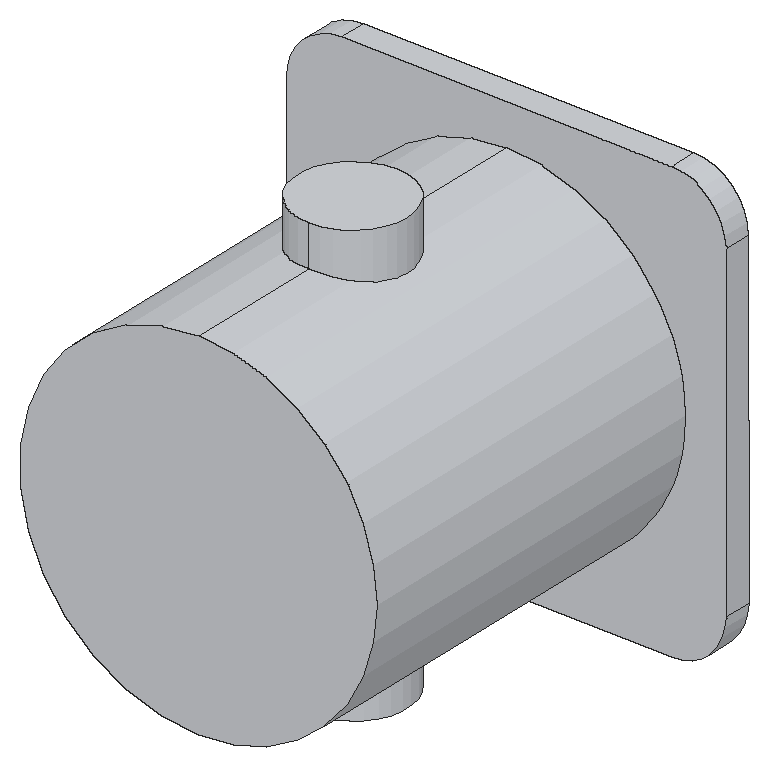
Revit family "DG_Anschlussfeld_V1700", category Datengeräte, Revit 2017
Family settings
  Beschriftungsausrichtung beibehalten = Ja
  Bemaßung runder Anschluss = Durchmesser verwenden
  Teiletyp = Normal
  OmniClass-Nummer = 23.85.50.17
  OmniClass-Titel = Communication and Data Processing Equipment
  Arbeitsebenenbasiert = Nein
  Immer vertikal = Ja
  Beim Laden mit Abzugskörper schneiden = Ja
  Gemeinsam genutzt = Nein
  Raumberechnungspunkt = Nein
Parameters (values of type "Medientechnik")
  pbr_Material_KZ = ""
  pbr_Material = none
  pbr_E_Typ = ""
  pbr_E_KZ = ""
  pbr_DINBild = 0
  pbr_Bild = 0
  pbr_3Dx_Delta_Korrekturversatz [instance] = 0 mm
  pbr_3DX_Versatzfaktor [instance] = 0
  pbr_2DY_Versatzfaktor [instance] = 0
  pbr_2DX_Versatzfaktor [instance] = 0
  lfd_STRK [instance] = 0
  cpiFitMatchKey [instance] = "KK  SAT"
  Winkel [instance] = 90.00°
  Typ [instance] = ""
  Text3 [instance] = ""
  Text2 [instance] = ""
  Text1 [instance] = ""
  Port2 [instance] = ""
  Port1 [instance] = ""
  Planungsbüro Rohling = ""
  Patchfeld [instance] = ""
  Netzart = ""
  Menge(Dosenzahl) [instance] = 0
  Linie/Anschluss [instance] = ""
  Linie [instance] = ""
  Installationsart = ""
  Info [instance] = ""
  Gewerk [instance] = "VMT"
  Bus [instance] = ""
  Breite [instance] = 80 mm
  Betriebsstrom ruhe [instance] = 0
  Betriebsstrom max [instance] = 0
  Eckversatz [instance] = 0 mm
  YFrontversatz [instance] = if(pbr_2DY_Versatzfaktor = 300, 0 mm, pbr_2DY_Versatzfaktor * 300 mm)  # 0 mm
  XSeitenversatz [instance] = if(pbr_2DX_Versatzfaktor = 0, 3000 mm, 3000 mm + (pbr_2DX_Versatzfaktor * 300 mm)) + Eckversatz  # 3000 mm
  X3Dversatz [instance] = if([3DX_Versatzkontrolle] = 0, 2000 mm, 2000 mm + ([3DX_Versatzkontrolle] * (300 mm - Breite))) + pbr_3Dx_Delta_Korrekturversatz  # 2000 mm
  Steckdosenradius = 20 mm
  Spannung = 230 V
  R_Leerrohranschluss = 10 mm
  Niveau [instance] = 300 mm
  Lastklassifizierung = Anschlussbuchse
  Dosentiefe = 70 mm  # constant formula
  Dosenradius = 65 mm / 2  # 32.5 mm
  D_Leerrohranschluss = 2 * R_Leerrohranschluss  # 20 mm
  Anschlussfeld Medientechnik = yes
  Anschlussfeld Dozent = no
  3DX_Versatzkontrolle [instance] = if(pbr_3DX_Versatzfaktor = 0, (pbr_2DX_Versatzfaktor * -1), (((-1 * pbr_3DX_Versatzfaktor) + pbr_2DX_Versatzfaktor) * -1))  # 0
Types (2, lengths in mm): name | Anschlussfeld Medientechnik | Anschlussfeld Dozent
  Dozent | no | yes
  Medientechnik | yes | no
Reference planes
  plane 1 "Mitte (Vorne/Hinten)": y = 0
  plane 2: z = 0
  plane 3 "Mitte (Links/Rechts)": x = 0
  plane 4: x = -125
  plane 5: x = 125
  plane 6: y = 300
  plane 7 "Schalterhinten": y = 0
  plane 8: x = -3000
  plane 9: x = 0
  plane 10: x = -2000
  plane 11: x = -40
  plane 12: x = 40
  plane 13: z = 340
  plane 14: z = 260
  plane 15 "SchalterVorne": y = 5
  plane 16 "3DSchalterMitte": x = 0
  plane 17 "Achse": z = 300
  plane 18: y = -70
  plane 19: y = -35
  plane 20: z = 320
  plane 21: z = 280
  plane 22 "EDV01": x = -20
  plane 23 "EDV2": x = 20
  plane 24: y = 225
Forms (mm)
  Extrusion 1, solid
    sketch origin (0, 20, 0) x (0, 0, 1) y (-1, 0, 0)
      loop
        line (260, 30) -> (260, -30)
        arc (260, -30) -> (262.929, -37.071) -> (270, -40) r 10
        line (270, -40) -> (330, -40)
        arc (330, -40) -> (337.071, -37.071) -> (340, -30) r 10
        line (340, -30) -> (340, 30)
        arc (340, 30) -> (337.071, 37.071) -> (330, 40) r 10
        line (330, 40) -> (270, 40)
        arc (270, 40) -> (262.929, 37.071) -> (260, 30) r 10
    from 15 to 20
  Sweep 2, solid
    path origin (0, 0, 0) x (0, 0, 1) y (0, -1, 0)
      loop
        line (300, 0) -> (300, 70)
    profile origin (0, -35, 300) x (0, 0, -1) y (1, 0, 0)
      loop
        circle (0, 0) r 32.5
  Sweep 3, solid
    path origin (0, 0, 0) x (0, 0, 1) y (0, -1, 0)
      loop
        line (260, 35) -> (340, 35)
    profile origin (0, -35, 300) x (0, -1, 0) y (1, 0, 0)
      loop
        circle (0, 0) r 10
  Sweep 4, void
    path origin (20, 0, 0) x (0, 0, 1) y (0, -1, 0)
      loop
        line (300, -5) -> (300, 0)
    profile origin (20, 2.5, 300) x (0, 0, -1) y (1, 0, 0)
      loop
        line (10, -10) -> (-10, -10) -> (-10, -30) -> (10, -30) -> (10, -10)
Cuts and joins
  Sweep 4 cuts Extrusion 1
  joined: Extrusion 1, Sweep 2, Sweep 3
Lines and regions (mm)
  model lines, not visible
    curve 1: line (-125, 0, 0) -> (125, 0, 0)
    curve 2: line (-125, 300, 0) -> (-125, 0, 0)
    curve 3: line (125, 300, 0) -> (-125, 300, 0)
    curve 4: line (125, 0, 0) -> (125, 300, 0)
Dimensions and locks
  plane 4 to plane 5 = 250 mm
  plane 6 to plane 7 "Schalterhinten" = 300 mm
  equal spacing: plane 4, plane 9, plane 5, locked at 125 each
  "XSeitenversatz": plane 8 to plane 9
  plane 8 to plane 3 "Mitte (Links/Rechts)" = 3000 mm
  "YFrontversatz": plane 1 "Mitte (Vorne/Hinten)" to plane 7 "Schalterhinten"
  plane 12 to plane 11 = 80 mm
  plane 13 to plane 14 = 80 mm
  plane 9 to plane 10 = 2000 mm
  equal spacing: plane 12, plane 16 "3DSchalterMitte", plane 11
  "X3Dversatz": plane 16 "3DSchalterMitte" to plane 10
  equal spacing: plane 13, plane 17 "Achse", plane 14
  "Niveau": plane 17 "Achse" to level
  "Dosentiefe": plane 1 "Mitte (Vorne/Hinten)" to plane 18
  plane 15 "SchalterVorne" to plane 1 "Mitte (Vorne/Hinten)" = 5 mm
  equal spacing: plane 18, plane 19, plane 1 "Mitte (Vorne/Hinten)"
  plane 13 to plane 20 = 20 mm
  plane 21 to plane 14 = 20 mm
  plane 22 "EDV01" to plane 11 = 20 mm
  plane 12 to plane 23 "EDV2" = 20 mm
  plane 24 to plane 7 "Schalterhinten" = 225 mm
  "Breite": cut or joined group of Extrusion 1, Sweep 2, Sweep 3, Sweep 4 to cut or joined group of Extrusion 1, Sweep 2, Sweep 3, Sweep 4
  "Dosenradius": radius of Sweep 2 sketch curve
  "R_Leerrohranschluss": radius of Sweep 3 sketch curve
  aligned and locked: level to plane 2
  aligned and locked: curve 1 to plane 7 "Schalterhinten"
  aligned and locked: curve 2 to plane 4
  aligned and locked: plane 6 to curve 3
  aligned and locked: plane 5 to curve 4
  aligned and locked: plane 14 to Extrusion 1 sketch curve
  aligned and locked: plane 11 to Extrusion 1 sketch curve
  aligned and locked: Extrusion 1 sketch curve to plane 13
  aligned and locked: Extrusion 1 sketch curve to plane 12
  aligned and locked: plane 1 "Mitte (Vorne/Hinten)" to Extrusion 1
  aligned and locked: Extrusion 1 to plane 15 "SchalterVorne"
  aligned and locked: nested 1 to plane 9
  aligned and locked: plane 7 "Schalterhinten" to nested 1
  aligned and locked: nested 2 to plane 9
  aligned and locked: nested 2 to plane 7 "Schalterhinten"
Automatic sketch dimensions
  Sweep 3 sketch curve to plane 14 = 0 mm
  plane 13 to Sweep 3 sketch curve = 0 mm
  Sweep 3 sketch curve to plane 19 = 0 mm
  Sweep 3 sketch curve to plane 16 "3DSchalterMitte" = 0 mm
  Sweep 3 sketch curve to profile plane = 0 mm
  plane 14 to Extrusion 1 sketch curve = 10 mm
  Extrusion 1 sketch curve to Extrusion 1 sketch curve = 10 mm  (x2)
  plane 13 to Extrusion 1 sketch curve = 10 mm
  Sweep 2 sketch curve to plane 17 "Achse" = 0 mm
  Sweep 2 sketch curve to plane 1 "Mitte (Vorne/Hinten)" = 0 mm
  Sweep 2 sketch curve to plane 18 = 0 mm
  plane 16 "3DSchalterMitte" to Sweep 2 sketch curve = 0 mm
  Sweep 2 sketch curve to profile plane = 0 mm
  Sweep 4 sketch curve to plane 1 "Mitte (Vorne/Hinten)" = 0 mm
  Sweep 4 sketch curve to plane 17 "Achse" = 0 mm
  Sweep 4 sketch curve to plane 15 "SchalterVorne" = 0 mm
  profile plane to Sweep 4 sketch curve = 10 mm
  Sweep 4 sketch curve to profile plane = 10 mm
  Sweep 4 sketch curve to plane 23 "EDV2" = 30 mm
  Sweep 4 sketch curve to plane 23 "EDV2" = 10 mm
Nested families
  nested 1: "Anschlussfeld Dozent" at (0, 0, 0), visible <- "Anschlussfeld Dozent", Winkel <- "Winkel", type "Anschlussfeld Dozent"
  nested 2: "Anschlussfeld Medientechnik" at (0, 0, 0), visible <- "Anschlussfeld Medientechnik", Winkel <- "Winkel", type "Anschlussfeld Medientechnik"
Connectors
  electrical at (0, -35, 340), driven by "Spannung"
    settings: on cut or joined group of Extrusion 1, Sweep 2, Sweep 3, Sweep 4, index 1, voltage 230 V, apparent load 0 VA, apparent load phase1 0 VA, apparent load phase2 0 VA, apparent load phase3 0 VA, power factor 1, load classification "Elektro", number of poles 1, system type 5, power factor state 1, is connector primary yes, connector utility no, sub classification motor no, connector description ""
  cabletrayconduit at (0, -35, 340), diameter 20, driven by "D_Leerrohranschluss"
    settings: on cut or joined group of Extrusion 1, Sweep 2, Sweep 3, Sweep 4, index 2, connector width 300 mm, connector height 300 mm, connector angle 0.00°, system type 32, placement type 0, profile type 0, connector reference index -1, is primary connector yes, connector utility param no, connector description ""
  cabletrayconduit at (0, -35, 260), diameter 20, driven by "D_Leerrohranschluss"
    settings: on cut or joined group of Extrusion 1, Sweep 2, Sweep 3, Sweep 4, index 3, connector width 300 mm, connector height 300 mm, connector angle 0.00°, system type 32, placement type 0, profile type 0, connector reference index -1, is primary connector no, connector utility param no, connector description ""
Definition of nested family "Anschlussfeld Dozent"
  Parameters (values of type "Anschlussfeld Dozent")
    Winkel [instance] = 90.00°
    D = yes
  Reference planes
    plane 1 "Mitte (Vorne/Hinten)": y = 0
    plane 2: z = 0
    plane 3 "Mitte (Links/Rechts)": x = 0
  Lines and regions (mm)
    Filled region 1, type "Beton", in view "Referenzebene", visible <- "D"
      outline origin (1243.228, -676.048, 0) x (1, 0, 0) y (0, 1, 0)
        loop
          line (-1303.228, 903.358) -> (-1303.228, 725.973) -> (-1238.351, 725.973)
          spline (-1238.351, 725.973) -> (-1209.814, 729.213) -> (-1189.702, 737.803) -> (-1174.492, 752.537) -> (-1164.085, 771.628) -> (-1158.271, 793.245) -> (-1156.574, 814.44) -> (-1157.87, 835.421) -> (-1163.271, 857.231) -> (-1174.176, 877.37) -> (-1189.397, 891.867) -> (-1209.101, 900.501) -> (-1234.859, 903.358)
          line (-1234.859, 903.358) -> (-1303.228, 903.358)
        loop
          line (-1279.793, 747.032) -> (-1237.334, 747.032)
          spline (-1237.334, 747.032) -> (-1230.743, 747.375) -> (-1225.7, 747.845) -> (-1221.878, 748.389) -> (-1218.952, 748.951) -> (-1216.602, 749.5) -> (-1214.537, 750.099) -> (-1212.474, 750.845) -> (-1210.131, 751.835) -> (-1207.247, 753.168) -> (-1203.908, 754.964) -> (-1200.477, 757.362) -> (-1197.329, 760.503)
          spline (-1197.329, 760.503) -> (-1186.937, 777.521) -> (-1183.177, 789.601) -> (-1181.103, 802.764) -> (-1180.45, 816.143) -> (-1180.82, 827.42) -> (-1183.162, 842.192) -> (-1186.778, 853.099) -> (-1193.637, 864.423) -> (-1202.459, 873.422) -> (-1213.38, 879.326) -> (-1226.522, 881.813) -> (-1239.793, 882.427)
          line (-1239.793, 882.427) -> (-1279.793, 882.427) -> (-1279.793, 747.032)
    detail lines, in view "Referenzebene"
      curve 1: line (135, 0, 0) -> (-129, 0, 0)
      curve 2: line (-129, 0, 0) -> (-129, 280, 0)
      curve 3: line (-129, 280, 0) -> (135, 280, 0)
      curve 4: line (135, 280, 0) -> (135, 0, 0)
Definition of nested family "Anschlussfeld Medientechnik"
  Parameters (values of type "Anschlussfeld Medientechnik")
    Winkel [instance] = 90.00°
    M = yes
  Reference planes
    plane 1 "Mitte (Vorne/Hinten)": y = 0
    plane 2: z = 0
    plane 3 "Mitte (Links/Rechts)": x = 0
  Lines and regions (mm)
    Filled region 1, type "Beton", in view "Referenzebene", visible <- "M"
      outline origin (149.765, -885.956, 0) x (1, 0, 0) y (0, 1, 0)
        loop
          line (-213.693, 942.626) -> (-213.693, 1096.081) -> (-162.227, 942.626) -> (-140.741, 942.626) -> (-89.682, 1090.913) -> (-89.682, 942.626) -> (-66.978, 942.626) -> (-66.978, 1120.011) -> (-98.249, 1120.011) -> (-150.482, 968.315) -> (-201.357, 1120.011) -> (-236.357, 1120.011) -> (-236.357, 942.626) -> (-213.693, 942.626)
    detail lines, in view "Referenzebene"
      curve 1: line (130, 0, 0) -> (-134, 0, 0)
      curve 2: line (-134, 0, 0) -> (-134, 280, 0)
      curve 3: line (-134, 280, 0) -> (130, 280, 0)
      curve 4: line (130, 280, 0) -> (130, 0, 0)
